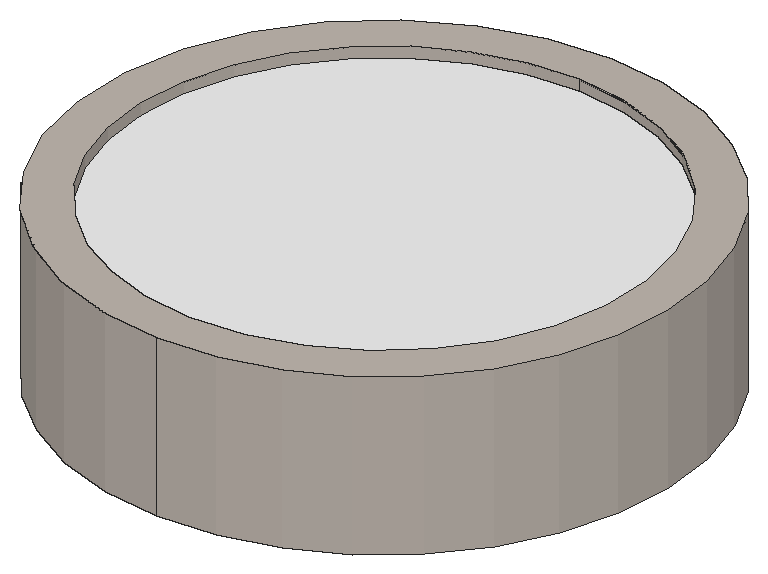
Revit family "JASMIN plafoniera", category Lighting Fixtures, host Face, Revit 2015
Parameters (values of type "KANLUX JASMIN plafoniera 270-W 23123 biały dąb")
  Średnica klosza = Średnica - 40 mm  # 235 mm
  Średnica = 275 mm
  Wattage = 60 W
  built-in parameter 1150110 = 1 (stored number, unit not read)
  built-in parameter 1114217 = 1 (stored number, unit not read)
  Tilt Angle = 90.00°  # constant formula
  built-in parameter 1150109 = 1 (stored number, unit not read)
  built-in parameter 1150134 = (empty or 0)
  built-in parameter 1150113 = 1 (stored number, unit not read)
  Photometric Web File = "generic"
  built-in parameter 1150142 = (empty or 0)
  Materiał klosz = KANLUX - klosz - szkło satynowe
  built-in parameter 1150105 = 716.2 (stored number, unit not read)
  Lumens = 9000 lm
  built-in parameter 1150115 = 1 (stored number, unit not read)
  built-in parameter 1150137 = (empty or 0)
  built-in parameter 1150139 = (empty or 0)
  built-in parameter 1150112 = 1 (stored number, unit not read)
  built-in parameter 1150114 = 1 (stored number, unit not read)
  Kod = "23123"
  Keynote = ""
  built-in parameter 1150132 = (empty or 0)
  built-in parameter 1150102 = (empty or 0)
  built-in parameter 1150107 = 3000 (stored number, unit not read)
  built-in parameter 1150138 = (empty or 0)
  built-in parameter 1150106 = 7.162 (stored number, unit not read)
  Emit from Circle Diameter = Średnica klosza  # 235 mm
  Emit Shape Visible in Rendering = yes
  built-in parameter 1150104 = 13.935 (stored number, unit not read)
  Wysokość = 77 mm  # constant formula
  Współczynnik mocy = 1
  URL = "www.kanlux.pl"
  Manufacturer = "KANLUX"  # constant formula
  Dimming Lamp Color Temperature Shift = <None>
  Color Filter = 16777215
  built-in parameter 1114218 = 1 (stored number, unit not read)
  built-in parameter 1150133 = 10 (stored number, unit not read)
  Apparent Load = Moc oprawy / Współczynnik mocy  # 60 VA
  Model = "JASMIN 270-W"
  Wattage Comments = "60"
  Moc oprawy = 60 W
  Materiał obudowa = KANLUX - obudowa - biały dąb
  Lamp = ""
  Klasyfikacja obciążenia = Oświetlenie
  IP = "IP20"  # constant formula
  Default Elevation = 0 mm
Types (9, lengths in mm): name | Średnica klosza | Średnica | Wattage | built-in parameter 1150105 | Lumens | Kod | built-in parameter 1150106 | Emit from Circle Diameter | Apparent Load | Model | Wattage Comments | Moc oprawy | Materiał obudowa
  KANLUX JASMIN plafoniera 370-W 23124 biały dąb | 335 | 375 | 120 W | 1432.4 (stored number, unit not read) | 18000 lm | "23124" | 14.324 (stored number, unit not read) | 335 | 120 VA | "JASMIN 370-W" | "120" | 120 W | KANLUX - obudowa - biały dąb
  KANLUX JASMIN plafoniera 270-W 23123 biały dąb | 235 | 275 | 60 W | 716.2 (stored number, unit not read) | 9000 lm | "23123" | 7.162 (stored number, unit not read) | 235 | 60 VA | "JASMIN 270-W" | "60" | 60 W | KANLUX - obudowa - biały dąb
  KANLUX JASMIN plafoniera 470-W 23125 biały dąb | 435 | 475 | 120 W | 1432.4 (stored number, unit not read) | 18000 lm | "23125" | 14.324 (stored number, unit not read) | 435 | 120 VA | "JASMIN 470-W" | "120" | 120 W | KANLUX - obudowa - biały dąb
  KANLUX JASMIN plafoniera 270-WE 23120 wenge | 235 | 275 | 60 W | 716.2 (stored number, unit not read) | 9000 lm | "23120" | 7.162 (stored number, unit not read) | 235 | 60 VA | "JASMIN 270-WE" | "60" | 60 W | KANLUX - obudowa - wenge
  KANLUX JASMIN plafoniera 370-WE 23121 wenge | 335 | 375 | 120 W | 1432.4 (stored number, unit not read) | 18000 lm | "23121" | 14.324 (stored number, unit not read) | 335 | 120 VA | "JASMIN 370-WE" | "120" | 120 W | KANLUX - obudowa - wenge
  KANLUX JASMIN plafoniera 470-WE 23122 wenge | 435 | 475 | 120 W | 1432.4 (stored number, unit not read) | 18000 lm | "23122" | 14.324 (stored number, unit not read) | 435 | 120 VA | "JASMIN 470-WE" | "120" | 120 W | KANLUX - obudowa - wenge
  KANLUX JASMIN plafoniera 270-W/M 23126 biały matowy | 235 | 275 | 60 W | 716.2 (stored number, unit not read) | 9000 lm | "23126" | 7.162 (stored number, unit not read) | 235 | 60 VA | "JASMIN 270-W/M" | "60" | 60 W | KANLUX - obudowa - biały matowy
  KANLUX JASMIN plafoniera 370-W/M 23127 biały matowy | 335 | 375 | 120 W | 1432.4 (stored number, unit not read) | 18000 lm | "23127" | 14.324 (stored number, unit not read) | 335 | 120 VA | "JASMIN 370-W/M" | "120" | 120 W | KANLUX - obudowa - biały matowy
  KANLUX JASMIN plafoniera 470-W/M 23128 biały matowy | 435 | 475 | 120 W | 1432.4 (stored number, unit not read) | 18000 lm | "23128" | 14.324 (stored number, unit not read) | 435 | 120 VA | "JASMIN 470-W/M" | "120" | 120 W | KANLUX - obudowa - biały matowy
Reference planes
  plane 1 "Środek (Przód/Tył)": y = 0
  plane 2: z = 0
  plane 3 "Środek (Lewa/Prawa)": x = 0
  plane 4: z = 77
  plane 5: z = 72
  plane 6: z = 69
Forms (mm)
  Extrusion 1, solid, material "KANLUX - obudowa - biały dąb" <- "Materiał obudowa"
    sketch origin (530.005, -4572, 77) x (0, -1, 0) y (-1, 0, 0)
      loop
        circle (-4572, 530.005) r 137.5
    from 0 to 77
  Extrusion 2, solid, material "KANLUX - klosz - szkło satynowe" <- "Materiał klosz"
    sketch origin (530.005, -4572, 77) x (0, -1, 0) y (-1, 0, 0)
      loop
        circle (-4572, 530.005) r 117.5
    from 5 to 8
  Extrusion 3, void
    sketch origin (530.005, -4572, 77) x (0, -1, 0) y (-1, 0, 0)
      loop
        circle (-4572, 530.005) r 117.5
    from 0 to 8
Cuts and joins
  Extrusion 3 cuts Extrusion 1
Dimensions and locks
  locked: plane 5 to plane 4 at 5
  locked: plane 6 to plane 5 at 3
  "Wysokość": plane 4 to level
  "Średnica": diameter of Extrusion 1 sketch curve
  "Średnica klosza": diameter of Extrusion 2 sketch curve
  "Średnica klosza": diameter of Extrusion 3 sketch curve
  aligned and locked: plane 2 to host face
  aligned and locked: level to host face
  aligned and locked: Extrusion 1 to plane 4
  aligned and locked: Extrusion 2 to plane 5
  aligned and locked: plane 6 to Extrusion 2
  aligned and locked: imposter light to plane 5
  aligned and locked: Extrusion 3 to plane 4
  aligned and locked: plane 6 to Extrusion 3
  aligned and locked: plane 3 "Środek (Lewa/Prawa)" to imposter light
  aligned and locked: imposter light to plane 1 "Środek (Przód/Tył)"
Automatic sketch dimensions
  host sketch curve to host sketch curve = 2438.4 mm  (x2)
  plane 1 "Środek (Przód/Tył)" to Extrusion 1 sketch curve = 0 mm
  Extrusion 1 sketch curve to plane 3 "Środek (Lewa/Prawa)" = 0 mm
  plane 1 "Środek (Przód/Tył)" to Extrusion 2 sketch curve = 0 mm
  Extrusion 2 sketch curve to plane 3 "Środek (Lewa/Prawa)" = 0 mm
  plane 1 "Środek (Przód/Tył)" to Extrusion 3 sketch curve = 0 mm
  Extrusion 3 sketch curve to plane 3 "Środek (Lewa/Prawa)" = 0 mm
Connectors
  electrical at (0, 0, 0), driven by "Apparent Load", driven by "Współczynnik mocy", driven by "Klasyfikacja obciążenia"
    settings: on host face, index 1, voltage 230 V, apparent load 60 VA, apparent load phase1 0 VA, apparent load phase2 0 VA, apparent load phase3 0 VA, power factor 1, load classification "Oświetlenie", number of poles 1, system type 30, power factor state 1, is connector primary yes, connector utility no, sub classification motor no, connector description ""
